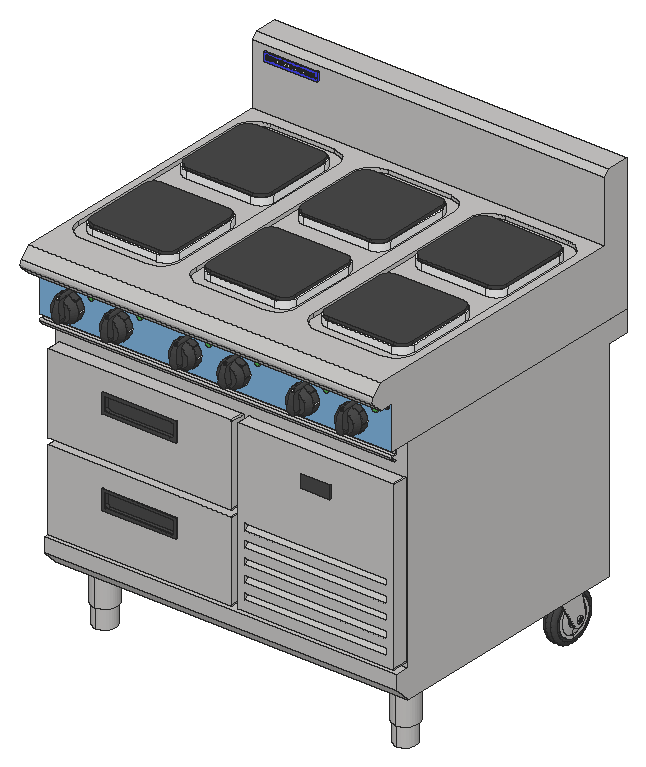
Revit family "QF_Moffat_E516S-RB_Electrical_Cooktop_cat", category Specialty Equipment, Revit 2019
Family settings
  Round Connector Dimension = Use Diameter
  Part Type = Normal
  Work Plane-Based = No
  Always vertical = Yes
  Cut with Voids When Loaded = No
  Shared = No
  Room Calculation Point = No
Parameters (values of type "E516S-RB")
  Weight in Kilograms = 130
  Watts = 9130 W
  Volts = 415 V
  URL Cutsheet = ""
  Specification by User = ""
  Specification by Manufacturer = ""
  Show Logo [instance] = yes
  Show Legs [instance] = not(Show Castors)  # no
  Show Castors [instance] = yes
  Serial Number = ""
  Seismic Rating = ""
  SMACNA No = ""
  Revision Code = ""
  Refrigerant Volume = 0.00 kip
  Refrigerant Type = "R134a"
  Phase = 3
  Number of Poles = 1
  NAFEM Spec ID Number = ""
  Model = "E516S-RB"
  Min Ckt Ampacity = 0 A
  Max Overcurrent Protection = 0 A
  Masterspec = ""
  Manufacturer = "Moffat"
  Length = 900 mm
  Item Number = ""
  Installed By = ""
  Identify Quantity as Lot = yes
  Height = 1085 mm
  HP = ""
  Furnished By = ""
  Foodservice Equipment Identifier = yes
  FL Amps = 22 A
  Electrical Remarks = ""
  Electric Connection Type = ""
  Elec Conn RI Height = 0 mm
  Elec Conn Connection Height = 0 mm
  Description = "Electric Cooktop"
  Depth = 812.2 mm
  Cycle = 60 Hz
  Conn Plug = ""
  Conn Conduit = yes
  CSI MasterFormat = ""
  BTUH = 0.0 Btu/h
  Apparent Power = if(Phase = 3, Volts * FL Amps * 1.73, Volts * FL Amps)  # 15794.9 VA
Reference planes
  plane 1 "BACK": y = 0
  plane 2: z = 0
  plane 3 "LEFT": x = 0
  plane 4 "RIGHT": x = 900
  plane 5 "FRONT": y = -812.2
  plane 6 "TOP": z = 1085
  plane 7 "Center Y": x = 450
  plane 8 "Center X": y = -406.1
  plane 9: x = 65.5
  plane 10: x = 87.5
  plane 11: x = 211.766
  plane 12: y = -30
  plane 13: x = 770
  plane 14: x = 512.5
  plane 15: x = 388.234
  plane 16: x = 834.5
  plane 17: z = 150
  plane 18: y = -134
  plane 19: y = -624
  plane 20: z = 675
  plane 21: x = 812.5
  plane 22: x = 688.234
  plane 23: z = 300
  plane 24: x = 486.5
  plane 25: x = 650
Forms (mm)
  Extrusion 1, solid, material "QF_Metal_Stainless_Polished"
    sketch origin (0, 0, 600) x (0, 1, 0) y (0, 0, 1)
      loop
        line (0, 140) -> (0, 485) -> (-55, 485) -> (-70, 470) -> (-70, 314.5) -> (-784.171, 314.5) -> (-808.685, 289.985)
        arc (-808.685, 289.985) -> (-812.2, 281.5) -> (-808.685, 273.015) r 12
        line (-808.685, 273.015) -> (-785.171, 249.5) -> (-749, 249.5) -> (-749, 140) -> (0, 140)
    from 0 to 900
  Extrusion 2, void
    sketch origin (0, -783.97, 914.5) x (0, 1, 0) y (-1, 0, 0)
      loop
        arc (683.77, -69) -> (669.125, -33.645) -> (633.77, -19) r 50
        line (633.77, -19) -> (133.569, -19)
        arc (133.569, -19) -> (98.214, -33.645) -> (83.569, -69) r 50
        line (83.569, -69) -> (83.569, -231)
        arc (83.569, -231) -> (98.214, -266.355) -> (133.569, -281) r 50
        line (133.569, -281) -> (633.77, -281)
        arc (633.77, -281) -> (669.125, -266.355) -> (683.77, -231) r 50
        line (683.77, -231) -> (683.77, -69)
      loop
        line (683.77, -831) -> (683.77, -669)
        arc (683.77, -669) -> (669.125, -633.645) -> (633.77, -619) r 50
        line (633.77, -619) -> (133.569, -619)
        arc (133.569, -619) -> (98.214, -633.645) -> (83.569, -669) r 50
        line (83.569, -669) -> (83.569, -831)
        arc (83.569, -831) -> (98.214, -866.355) -> (133.569, -881) r 50
        line (133.569, -881) -> (633.77, -881)
        arc (633.77, -881) -> (669.125, -866.355) -> (683.77, -831) r 50
      loop
        arc (83.569, -531) -> (98.214, -566.355) -> (133.569, -581) r 50
        line (133.569, -581) -> (633.77, -581)
        arc (633.77, -581) -> (669.125, -566.355) -> (683.77, -531) r 50
        line (683.77, -531) -> (683.77, -369)
        arc (683.77, -369) -> (669.125, -333.645) -> (633.77, -319) r 50
        line (633.77, -319) -> (133.569, -319)
        arc (133.569, -319) -> (98.214, -333.645) -> (83.569, -369) r 50
        line (83.569, -369) -> (83.569, -531)
    from 0 to -9.5
  Extrusion 3, solid, material "QF_Plastic_White_Smooth"
    sketch origin (0, -783.97, 905) x (0, 1, 0) y (-1, 0, 0)
      loop
        arc (647.77, -68) -> (638.397, -45.373) -> (615.77, -36) r 32
        line (615.77, -36) -> (451.569, -36)
        arc (451.569, -36) -> (428.942, -45.373) -> (419.569, -68) r 32
        line (419.569, -68) -> (419.569, -232)
        arc (419.569, -232) -> (428.942, -254.627) -> (451.569, -264) r 32
        line (451.569, -264) -> (615.77, -264)
        arc (615.77, -264) -> (638.397, -254.627) -> (647.77, -232) r 32
        line (647.77, -232) -> (647.77, -68)
      loop
        arc (347.569, -68) -> (338.197, -45.373) -> (315.569, -36) r 32
        line (315.569, -36) -> (151.569, -36)
        arc (151.569, -36) -> (128.942, -45.373) -> (119.569, -68) r 32
        line (119.569, -68) -> (119.569, -232)
        arc (119.569, -232) -> (128.942, -254.627) -> (151.569, -264) r 32
        line (151.569, -264) -> (315.569, -264)
        arc (315.569, -264) -> (338.197, -254.627) -> (347.569, -232) r 32
        line (347.569, -232) -> (347.569, -68)
      loop
        arc (647.77, -368) -> (638.397, -345.373) -> (615.77, -336) r 32
        line (615.77, -336) -> (451.569, -336)
        arc (451.569, -336) -> (428.942, -345.373) -> (419.569, -368) r 32
        line (419.569, -368) -> (419.569, -532)
        arc (419.569, -532) -> (428.942, -554.627) -> (451.569, -564) r 32
        line (451.569, -564) -> (615.77, -564)
        arc (615.77, -564) -> (638.397, -554.627) -> (647.77, -532) r 32
        line (647.77, -532) -> (647.77, -368)
      loop
        arc (419.569, -832) -> (428.942, -854.627) -> (451.569, -864) r 32
        line (451.569, -864) -> (615.77, -864)
        arc (615.77, -864) -> (638.397, -854.627) -> (647.77, -832) r 32
        line (647.77, -832) -> (647.77, -668)
        arc (647.77, -668) -> (638.397, -645.373) -> (615.77, -636) r 32
        line (615.77, -636) -> (451.569, -636)
        arc (451.569, -636) -> (428.942, -645.373) -> (419.569, -668) r 32
        line (419.569, -668) -> (419.569, -832)
      loop
        arc (347.569, -368) -> (338.197, -345.373) -> (315.569, -336) r 32
        line (315.569, -336) -> (151.569, -336)
        arc (151.569, -336) -> (128.942, -345.373) -> (119.569, -368) r 32
        line (119.569, -368) -> (119.569, -532)
        arc (119.569, -532) -> (128.942, -554.627) -> (151.569, -564) r 32
        line (151.569, -564) -> (315.569, -564)
        arc (315.569, -564) -> (338.197, -554.627) -> (347.569, -532) r 32
        line (347.569, -532) -> (347.569, -368)
      loop
        arc (119.569, -832) -> (128.942, -854.627) -> (151.569, -864) r 32
        line (151.569, -864) -> (315.569, -864)
        arc (315.569, -864) -> (338.197, -854.627) -> (347.569, -832) r 32
        line (347.569, -832) -> (347.569, -668)
        arc (347.569, -668) -> (338.197, -645.373) -> (315.569, -636) r 32
        line (315.569, -636) -> (151.569, -636)
        arc (151.569, -636) -> (128.942, -645.373) -> (119.569, -668) r 32
        line (119.569, -668) -> (119.569, -832)
    from 0 to 17.8
  Extrusion 4, solid, material "QF_Plastic_Black_Smooth"
    sketch origin (0, -783.97, 922.8) x (0, 1, 0) y (-1, 0, 0)
      loop
        arc (643.77, -67) -> (635.862, -47.908) -> (616.77, -40) r 27
        line (616.77, -40) -> (450.569, -40)
        arc (450.569, -40) -> (431.478, -47.908) -> (423.569, -67) r 27
        line (423.569, -67) -> (423.569, -233)
        arc (423.569, -233) -> (431.478, -252.092) -> (450.569, -260) r 27
        line (450.569, -260) -> (616.77, -260)
        arc (616.77, -260) -> (635.862, -252.092) -> (643.77, -233) r 27
        line (643.77, -233) -> (643.77, -67)
      loop
        arc (343.569, -67) -> (335.661, -47.908) -> (316.569, -40) r 27
        line (316.569, -40) -> (150.569, -40)
        arc (150.569, -40) -> (131.478, -47.908) -> (123.569, -67) r 27
        line (123.569, -67) -> (123.569, -233)
        arc (123.569, -233) -> (131.478, -252.092) -> (150.569, -260) r 27
        line (150.569, -260) -> (316.569, -260)
        arc (316.569, -260) -> (335.661, -252.092) -> (343.569, -233) r 27
        line (343.569, -233) -> (343.569, -67)
      loop
        line (643.77, -833) -> (643.77, -667)
        arc (643.77, -667) -> (635.862, -647.908) -> (616.77, -640) r 27
        line (616.77, -640) -> (450.569, -640)
        arc (450.569, -640) -> (431.478, -647.908) -> (423.569, -667) r 27
        line (423.569, -667) -> (423.569, -833)
        arc (423.569, -833) -> (431.478, -852.092) -> (450.569, -860) r 27
        line (450.569, -860) -> (616.77, -860)
        arc (616.77, -860) -> (635.862, -852.092) -> (643.77, -833) r 27
      loop
        line (423.569, -367) -> (423.569, -533)
        arc (423.569, -533) -> (431.478, -552.092) -> (450.569, -560) r 27
        line (450.569, -560) -> (616.77, -560)
        arc (616.77, -560) -> (635.862, -552.092) -> (643.77, -533) r 27
        line (643.77, -533) -> (643.77, -367)
        arc (643.77, -367) -> (635.862, -347.908) -> (616.77, -340) r 27
        line (616.77, -340) -> (450.569, -340)
        arc (450.569, -340) -> (431.478, -347.908) -> (423.569, -367) r 27
      loop
        line (343.569, -833) -> (343.569, -667)
        arc (343.569, -667) -> (335.661, -647.908) -> (316.569, -640) r 27
        line (316.569, -640) -> (150.569, -640)
        arc (150.569, -640) -> (131.478, -647.908) -> (123.569, -667) r 27
        line (123.569, -667) -> (123.569, -833)
        arc (123.569, -833) -> (131.478, -852.092) -> (150.569, -860) r 27
        line (150.569, -860) -> (316.569, -860)
        arc (316.569, -860) -> (335.661, -852.092) -> (343.569, -833) r 27
      loop
        line (123.569, -367) -> (123.569, -533)
        arc (123.569, -533) -> (131.478, -552.092) -> (150.569, -560) r 27
        line (150.569, -560) -> (316.569, -560)
        arc (316.569, -560) -> (335.661, -552.092) -> (343.569, -533) r 27
        line (343.569, -533) -> (343.569, -367)
        arc (343.569, -367) -> (335.661, -347.908) -> (316.569, -340) r 27
        line (316.569, -340) -> (150.569, -340)
        arc (150.569, -340) -> (131.478, -347.908) -> (123.569, -367) r 27
    from 0 to 6.1
  Extrusion 5, solid, material "QF_Metal_Stainless_Polished"
    sketch origin (0, 0, 600) x (0, 1, 0) y (0, 0, 1)
      loop
        line (-698, 85) -> (0, 85) -> (0, 140) -> (-698, 140) -> (-698, 85)
    from 0 to 900
  Extrusion 6, solid, material "QF_Metal_Stainless_Polished"
    sketch origin (0, 0, 600) x (0, 1, 0) y (0, 0, 1)
      loop
        line (-737.8, 140) -> (-737.8, 130) -> (-747.305, 130)
        arc (-747.305, 130) -> (-750.276, 128.015) -> (-749.579, 124.511) r 3.215
        line (-749.579, 124.511) -> (-739.05, 113.982) -> (-737.919, 115.113) -> (-748.447, 125.642)
        arc (-748.447, 125.642) -> (-748.797, 127.403) -> (-747.305, 128.4) r 1.615
        line (-747.305, 128.4) -> (-736.2, 128.4) -> (-736.2, 140) -> (-737.8, 140)
    from 0 to 900
  Extrusion 7, solid, material "QF_Metal_Stainless_Polished"
    sketch origin (450, 175.397, 1819.2) x (0, 1, 0) y (0, 0, 1)
      loop
        line (-873.397, -1109.2) -> (-896.434, -1109.2)
        arc (-896.434, -1109.2) -> (-898.034, -1110.8) -> (-896.434, -1112.4) r 1.6
        line (-896.434, -1112.4) -> (-873.397, -1112.4) -> (-873.397, -1109.2)
    from -400 to 400
  Extrusion 8, solid, material "QF_Paint_Green"
    sketch origin (0, -749, 740) x (0, 0, 1) y (-1, 0, 0)
      loop
        circle (84.8, -732.5) r 7.15
      loop
        circle (84.8, -857.5) r 7.15
      loop
        circle (84.8, -431.766) r 7.15
      loop
        circle (84.8, -556.766) r 7.15
      loop
        circle (84.8, -131.031) r 7.15
      loop
        circle (84.8, -256.031) r 7.15
    from 0 to 1.6
  Extrusion 9, solid, material "QF_Plastic_Black_Smooth"
    sketch origin (0, -749, 740) x (0, 0, 1) y (-1, 0, 0)
      loop
        circle (99.343, -13.157) r 5
      loop
        circle (99.343, -886.843) r 5
      loop
        circle (99.343, -87.5) r 5
      loop
        circle (99.343, -211.766) r 5
      loop
        circle (99.343, -388.231) r 5
      loop
        circle (99.343, -512.497) r 5
      loop
        circle (99.343, -688.234) r 5
      loop
        circle (99.343, -812.497) r 5
    from 0 to 1.6
  Extrusion 10, solid, material "QF_Metal_Stainless_Polished"
    sketch origin (-6096, 287.266, 675) x (0, 1, 0) y (-1, 0, 0)
      loop
        circle (-317.266, -6866) r 6.35
    from 0 to -1.6
  Extrusion 11, solid, material "QF_Metal_Stainless_Polished"
    sketch origin (-6096, 187.719, 150) x (0, 1, 0) y (-1, 0, 0)
      loop
        line (-244.719, -6096) -> (-885.719, -6096) -> (-885.719, -6146) -> (-292.719, -6146) -> (-292.719, -6946) -> (-885.719, -6946) -> (-885.719, -6996) -> (-244.719, -6996) -> (-244.719, -6096)
    from 0 to 535
  Extrusion 12, solid, material "QF_Metal_Stainless_Polished"
    sketch origin (0, 0, 0) x (0, 1, 0) y (0, 0, 1)
      loop
        line (-59, 150) -> (-59, 242.5) -> (-698, 242.5) -> (-698, 222.5) -> (-735, 222.5) -> (-735, 186) -> (-699, 150) -> (-59, 150)
    from 0 to 900
  Extrusion 13, solid, material "QF_Metal_Stainless_Polished"
    sketch origin (586.5, -48, 150) x (0, -1, 0) y (0, 0, 1)
      loop
        line (650, 535) -> (57, 535) -> (57, 92.5) -> (650, 92.5) -> (650, 535)
    from 64.5 to 135.5
  Revolve 14, solid, material "QF_Metal_Stainless_Polished"
    sketch origin (65.5, -4572, -304.8) x (0, 0, -1) y (0, -1, 0)
      loop
        line (-304.8, -3948) -> (-454.8, -3948) -> (-454.8, -3979.75) -> (-354.8, -3979.75) -> (-354.8, -3975.5) -> (-304.8, -3975.5) -> (-304.8, -3948)
      axis (-454.8, -3948) -> (-304.8, -3948)
    angle from 0 to 360
  Revolve 15, solid, material "QF_Metal_Stainless_Polished"
    sketch origin (834.5, -4572, -304.8) x (0, 0, -1) y (0, 1, 0)
      loop
        line (-304.8, 3948) -> (-304.8, 3975.5) -> (-354.8, 3975.5) -> (-354.8, 3979.75) -> (-454.8, 3979.75) -> (-454.8, 3948) -> (-304.8, 3948)
      axis (-454.8, 3948) -> (-304.8, 3948)
    angle from 0 to 360
  Extrusion 16, solid, material "QF_Metal_Stainless_Polished"
    sketch origin (0, -57, 150) x (1, 0, 0) y (0, 0, -1)
      loop
        line (0, -535) -> (900, -535) -> (900, -498.503) -> (0, -498.503) -> (0, -535)
    from 0 to -641
  Extrusion 17, solid, material "QF_Metal_Stainless_Polished"
    sketch origin (0, -698, 740) x (0, 0, -1) y (1, 0, 0)
      loop
        line (83.997, 9) -> (284.497, 9)
        arc (284.497, 9) -> (285.911, 9.586) -> (286.497, 11) r 2
        line (286.497, 11) -> (286.497, 477)
        arc (286.497, 477) -> (285.911, 478.414) -> (284.497, 479) r 2
        line (284.497, 479) -> (83.997, 479)
        arc (83.997, 479) -> (82.583, 478.414) -> (81.997, 477) r 2
        line (81.997, 477) -> (81.997, 11)
        arc (81.997, 11) -> (82.583, 9.586) -> (83.997, 9) r 2
      loop
        arc (506.997, 477) -> (506.411, 478.414) -> (504.997, 479) r 2
        line (504.997, 479) -> (304.497, 479)
        arc (304.497, 479) -> (303.083, 478.414) -> (302.497, 477) r 2
        line (302.497, 477) -> (302.497, 11)
        arc (302.497, 11) -> (303.083, 9.586) -> (304.497, 9) r 2
        line (304.497, 9) -> (504.997, 9)
        arc (504.997, 9) -> (506.411, 9.586) -> (506.997, 11) r 2
        line (506.997, 11) -> (506.997, 477)
    from 0 to 37
  Extrusion 18, void
    sketch origin (0, -735, 740) x (0, 0, -1) y (1, 0, 0)
      loop
        arc (138.297, 161) -> (140.054, 156.757) -> (144.297, 155) r 6
        line (144.297, 155) -> (168.931, 155)
        arc (168.931, 155) -> (173.173, 156.757) -> (174.931, 161) r 6
        line (174.931, 161) -> (174.931, 327)
        arc (174.931, 327) -> (173.173, 331.243) -> (168.931, 333) r 6
        line (168.931, 333) -> (144.297, 333)
        arc (144.297, 333) -> (140.054, 331.243) -> (138.297, 327) r 6
        line (138.297, 327) -> (138.297, 161)
      loop
        arc (358.797, 161) -> (360.554, 156.757) -> (364.797, 155) r 6
        line (364.797, 155) -> (389.431, 155)
        arc (389.431, 155) -> (393.673, 156.757) -> (395.431, 161) r 6
        line (395.431, 161) -> (395.431, 327)
        arc (395.431, 327) -> (393.673, 331.243) -> (389.431, 333) r 6
        line (389.431, 333) -> (364.797, 333)
        arc (364.797, 333) -> (360.554, 331.243) -> (358.797, 327) r 6
        line (358.797, 327) -> (358.797, 161)
    from 0 to -10
  Extrusion 19, solid, material "QF_Plastic_Black_Smooth"
    sketch origin (0, -735, 740) x (0, 0, -1) y (1, 0, 0)
      loop
        line (353.491, 149) -> (401.491, 149) -> (402.491, 150) -> (402.491, 338) -> (401.491, 339) -> (353.491, 339) -> (352.491, 338) -> (352.491, 150) -> (353.491, 149)
      loop
        line (132.991, 149) -> (180.991, 149) -> (181.991, 150) -> (181.991, 338) -> (180.991, 339) -> (132.991, 339) -> (131.991, 338) -> (131.991, 150) -> (132.991, 149)
      loop
        arc (138.297, 161) -> (140.054, 156.757) -> (144.297, 155) r 6
        line (144.297, 155) -> (168.931, 155)
        arc (168.931, 155) -> (173.173, 156.757) -> (174.931, 161) r 6
        line (174.931, 161) -> (174.931, 327)
        arc (174.931, 327) -> (173.173, 331.243) -> (168.931, 333) r 6
        line (168.931, 333) -> (144.297, 333)
        arc (144.297, 333) -> (140.054, 331.243) -> (138.297, 327) r 6
        line (138.297, 327) -> (138.297, 161)
      loop
        arc (358.797, 161) -> (360.554, 156.757) -> (364.797, 155) r 6
        line (364.797, 155) -> (389.431, 155)
        arc (389.431, 155) -> (393.673, 156.757) -> (395.431, 161) r 6
        line (395.431, 161) -> (395.431, 327)
        arc (395.431, 327) -> (393.673, 331.243) -> (389.431, 333) r 6
        line (389.431, 333) -> (364.797, 333)
        arc (364.797, 333) -> (360.554, 331.243) -> (358.797, 327) r 6
        line (358.797, 327) -> (358.797, 161)
    from 0 to 1.6
  Extrusion 20, solid, material "QF_Metal_Stainless_Polished"
    sketch origin (0, -698, 740) x (0, 0, -1) y (1, 0, 0)
      loop
        line (506.997, 496) -> (506.997, 892)
        arc (506.997, 892) -> (506.411, 893.414) -> (504.997, 894) r 2
        line (504.997, 894) -> (83.997, 894)
        arc (83.997, 894) -> (82.583, 893.414) -> (81.997, 892) r 2
        line (81.997, 892) -> (81.997, 496)
        arc (81.997, 496) -> (82.583, 494.586) -> (83.997, 494) r 2
        line (83.997, 494) -> (504.997, 494)
        arc (504.997, 494) -> (506.411, 494.586) -> (506.997, 496) r 2
    from 0 to 37
  Extrusion 21, void
    sketch origin (522, -48, 150) x (0, 1, 0) y (0, 0, 1)
      loop
        line (-650, 323.003) -> (-687, 286.003) -> (-687, 268.042) -> (-650, 305.042) -> (-650, 323.003)
      loop
        line (-650, 283.003) -> (-687, 246.003) -> (-687, 228.042) -> (-650, 265.042) -> (-650, 283.003)
      loop
        line (-650, 243.003) -> (-687, 206.003) -> (-687, 188.042) -> (-650, 225.042) -> (-650, 243.003)
      loop
        line (-650, 203.003) -> (-687, 166.003) -> (-687, 148.042) -> (-650, 185.042) -> (-650, 203.003)
      loop
        line (-650, 163.003) -> (-687, 126.003) -> (-687, 108.042) -> (-650, 145.042) -> (-650, 163.003)
    from -10.5 to 354.5
  Extrusion 22, solid, material "QF_Plastic_Black_Smooth"
    sketch origin (0, -735, 740) x (0, 0, -1) y (1, 0, 0)
      loop
        line (140.491, 656.5) -> (173.491, 656.5) -> (173.491, 731.5) -> (140.491, 731.5) -> (140.491, 656.5)
    from 0 to 1.6
  Extrusion 23, solid, material "QF_Metal_Stainless_Polished"
    sketch origin (0, -57, 150) x (1, 0, 0) y (0, 0, -1)
      loop
        circle (650, -150) r 12.7
    from 0 to 3.2
  Revolve 24, solid, material "QF_Metal_Stainless_Polished", visible <- "Show Legs"
    sketch origin (65.5, -4082, -304.8) x (0, 0, -1) y (0, -1, 0)
      loop
        line (-304.8, -3948) -> (-454.8, -3948) -> (-454.8, -3979.75) -> (-354.8, -3979.75) -> (-354.8, -3975.5) -> (-304.8, -3975.5) -> (-304.8, -3948)
      axis (-454.8, -3948) -> (-304.8, -3948)
    angle from 0 to 360
  Revolve 25, solid, material "QF_Metal_Stainless_Polished", visible <- "Show Legs"
    sketch origin (834.5, -4082, -304.8) x (0, 0, -1) y (0, 1, 0)
      loop
        line (-304.8, 3948) -> (-304.8, 3975.5) -> (-354.8, 3975.5) -> (-354.8, 3979.75) -> (-454.8, 3979.75) -> (-454.8, 3948) -> (-304.8, 3948)
      axis (-454.8, 3948) -> (-304.8, 3948)
    angle from 0 to 360
Cuts and joins
  Extrusion 2 cuts Extrusion 1
  joined: Extrusion 5, Extrusion 11, Extrusion 12, Extrusion 13, Extrusion 16
  Extrusion 18 cuts Extrusion 17
  Extrusion 21 cuts Extrusion 20
Lines and regions (mm)
  symbolic lines
    curve 1: line (0, 0, 0) -> (900, 0, 0)
    curve 2: line (0, -812.2, 0) -> (0, 0, 0)
    curve 3: line (900, -812.2, 0) -> (0, -812.2, 0)
    curve 4: line (900, 0, 0) -> (900, -812.2, 0)
    curve 5: line (0, -784.171, 0) -> (900, -784.171, 0)
    curve 6: line (0, -55, 0) -> (900, -55, 0)
    curve 7: line (0, -70, 0) -> (900, -70, 0)
    curve 8: arc (281, -650.2, 0) -> (266.355, -685.555, 0) -> (231, -700.2, 0) r 50
    curve 9: line (231, -700.2, 0) -> (69, -700.2, 0)
    curve 10: arc (69, -700.2, 0) -> (33.645, -685.555, 0) -> (19, -650.2, 0) r 50
    curve 11: line (19, -650.2, 0) -> (19, -150.2, 0)
    curve 12: arc (19, -150.2, 0) -> (33.645, -114.845, 0) -> (69, -100.2, 0) r 50
    curve 13: line (69, -100.2, 0) -> (231, -100.2, 0)
    curve 14: arc (231, -100.2, 0) -> (266.355, -114.845, 0) -> (281, -150.2, 0) r 50
    curve 15: line (281, -150.2, 0) -> (281, -650.2, 0)
    curve 16: arc (319, -150.2, 0) -> (333.645, -114.845, 0) -> (369, -100.2, 0) r 50
    curve 17: line (369, -100.2, 0) -> (531, -100.2, 0)
    curve 18: arc (531, -100.2, 0) -> (566.355, -114.845, 0) -> (581, -150.2, 0) r 50
    curve 19: line (581, -150.2, 0) -> (581, -650.2, 0)
    curve 20: arc (581, -650.2, 0) -> (566.355, -685.555, 0) -> (531, -700.2, 0) r 50
    curve 21: line (531, -700.2, 0) -> (369, -700.2, 0)
    curve 22: arc (369, -700.2, 0) -> (333.645, -685.555, 0) -> (319, -650.2, 0) r 50
    curve 23: line (319, -650.2, 0) -> (319, -150.2, 0)
    curve 24: arc (619, -150.2, 0) -> (633.645, -114.845, 0) -> (669, -100.2, 0) r 50
    curve 25: line (669, -100.2, 0) -> (831, -100.2, 0)
    curve 26: arc (831, -100.2, 0) -> (866.355, -114.845, 0) -> (881, -150.2, 0) r 50
    curve 27: line (881, -150.2, 0) -> (881, -650.2, 0)
    curve 28: arc (881, -650.2, 0) -> (866.355, -685.555, 0) -> (831, -700.2, 0) r 50
    curve 29: line (831, -700.2, 0) -> (669, -700.2, 0)
    curve 30: arc (669, -700.2, 0) -> (633.645, -685.555, 0) -> (619, -650.2, 0) r 50
    curve 31: line (619, -650.2, 0) -> (619, -150.2, 0)
    curve 32: arc (68, -136.2, 0) -> (45.373, -145.573, 0) -> (36, -168.2, 0) r 32
    curve 33: line (36, -168.2, 0) -> (36, -332.2, 0)
    curve 34: arc (36, -332.2, 0) -> (45.373, -354.827, 0) -> (68, -364.2, 0) r 32
    curve 35: line (68, -364.2, 0) -> (232, -364.2, 0)
    curve 36: arc (232, -364.2, 0) -> (254.627, -354.827, 0) -> (264, -332.2, 0) r 32
    curve 37: line (264, -332.2, 0) -> (264, -168.2, 0)
    curve 38: arc (264, -168.2, 0) -> (254.627, -145.573, 0) -> (232, -136.2, 0) r 32
    curve 39: line (232, -136.2, 0) -> (68, -136.2, 0)
    curve 40: arc (67, -140.2, 0) -> (47.908, -148.108, 0) -> (40, -167.2, 0) r 27
    curve 41: line (40, -167.2, 0) -> (40, -333.2, 0)
    curve 42: arc (40, -333.2, 0) -> (47.908, -352.292, 0) -> (67, -360.2, 0) r 27
    curve 43: line (67, -360.2, 0) -> (233, -360.2, 0)
    curve 44: arc (233, -360.2, 0) -> (252.092, -352.292, 0) -> (260, -333.2, 0) r 27
    curve 45: line (260, -333.2, 0) -> (260, -167.2, 0)
    curve 46: arc (260, -167.2, 0) -> (252.092, -148.108, 0) -> (233, -140.2, 0) r 27
    curve 47: line (233, -140.2, 0) -> (67, -140.2, 0)
    curve 48: arc (68, -436.2, 0) -> (45.373, -445.573, 0) -> (36, -468.2, 0) r 32
    curve 49: line (36, -468.2, 0) -> (36, -632.2, 0)
    curve 50: arc (36, -632.2, 0) -> (45.373, -654.827, 0) -> (68, -664.2, 0) r 32
    curve 51: line (68, -664.2, 0) -> (232, -664.2, 0)
    curve 52: arc (232, -664.2, 0) -> (254.627, -654.827, 0) -> (264, -632.2, 0) r 32
    curve 53: line (264, -632.2, 0) -> (264, -468.2, 0)
    curve 54: arc (264, -468.2, 0) -> (254.627, -445.573, 0) -> (232, -436.2, 0) r 32
    curve 55: line (232, -436.2, 0) -> (68, -436.2, 0)
    curve 56: arc (67, -440.2, 0) -> (47.908, -448.108, 0) -> (40, -467.2, 0) r 27
    curve 57: line (40, -467.2, 0) -> (40, -633.2, 0)
    curve 58: arc (40, -633.2, 0) -> (47.908, -652.292, 0) -> (67, -660.2, 0) r 27
    curve 59: line (67, -660.2, 0) -> (233, -660.2, 0)
    curve 60: arc (233, -660.2, 0) -> (252.092, -652.292, 0) -> (260, -633.2, 0) r 27
    curve 61: line (260, -633.2, 0) -> (260, -467.2, 0)
    curve 62: arc (260, -467.2, 0) -> (252.092, -448.108, 0) -> (233, -440.2, 0) r 27
    curve 63: line (233, -440.2, 0) -> (67, -440.2, 0)
    curve 64: arc (368, -436.2, 0) -> (345.373, -445.573, 0) -> (336, -468.2, 0) r 32
    curve 65: line (336, -468.2, 0) -> (336, -632.2, 0)
    curve 66: arc (336, -632.2, 0) -> (345.373, -654.827, 0) -> (368, -664.2, 0) r 32
    curve 67: line (368, -664.2, 0) -> (532, -664.2, 0)
    curve 68: arc (532, -664.2, 0) -> (554.627, -654.827, 0) -> (564, -632.2, 0) r 32
    curve 69: line (564, -632.2, 0) -> (564, -468.2, 0)
    curve 70: arc (564, -468.2, 0) -> (554.627, -445.573, 0) -> (532, -436.2, 0) r 32
    curve 71: line (532, -436.2, 0) -> (368, -436.2, 0)
    curve 72: arc (367, -440.2, 0) -> (347.908, -448.108, 0) -> (340, -467.2, 0) r 27
    curve 73: line (340, -467.2, 0) -> (340, -633.2, 0)
    curve 74: arc (340, -633.2, 0) -> (347.908, -652.292, 0) -> (367, -660.2, 0) r 27
    curve 75: line (367, -660.2, 0) -> (533, -660.2, 0)
    curve 76: arc (533, -660.2, 0) -> (552.092, -652.292, 0) -> (560, -633.2, 0) r 27
    curve 77: line (560, -633.2, 0) -> (560, -467.2, 0)
    curve 78: arc (560, -467.2, 0) -> (552.092, -448.108, 0) -> (533, -440.2, 0) r 27
    curve 79: line (533, -440.2, 0) -> (367, -440.2, 0)
    curve 80: arc (336, -332.2, 0) -> (345.373, -354.827, 0) -> (368, -364.2, 0) r 32
    curve 81: line (368, -364.2, 0) -> (532, -364.2, 0)
    curve 82: arc (532, -364.2, 0) -> (554.627, -354.827, 0) -> (564, -332.2, 0) r 32
    curve 83: line (564, -332.2, 0) -> (564, -168.2, 0)
    curve 84: arc (564, -168.2, 0) -> (554.627, -145.573, 0) -> (532, -136.2, 0) r 32
    curve 85: line (532, -136.2, 0) -> (368, -136.2, 0)
    curve 86: arc (368, -136.2, 0) -> (345.373, -145.573, 0) -> (336, -168.2, 0) r 32
    curve 87: line (336, -168.2, 0) -> (336, -332.2, 0)
    curve 88: arc (340, -333.2, 0) -> (347.908, -352.292, 0) -> (367, -360.2, 0) r 27
    curve 89: line (367, -360.2, 0) -> (533, -360.2, 0)
    curve 90: arc (533, -360.2, 0) -> (552.092, -352.292, 0) -> (560, -333.2, 0) r 27
    curve 91: line (560, -333.2, 0) -> (560, -167.2, 0)
    curve 92: arc (560, -167.2, 0) -> (552.092, -148.108, 0) -> (533, -140.2, 0) r 27
    curve 93: line (533, -140.2, 0) -> (367, -140.2, 0)
    curve 94: arc (367, -140.2, 0) -> (347.908, -148.108, 0) -> (340, -167.2, 0) r 27
    curve 95: line (340, -167.2, 0) -> (340, -333.2, 0)
    curve 96: arc (668, -136.2, 0) -> (645.373, -145.573, 0) -> (636, -168.2, 0) r 32
    curve 97: line (636, -168.2, 0) -> (636, -332.2, 0)
    curve 98: arc (636, -332.2, 0) -> (645.373, -354.827, 0) -> (668, -364.2, 0) r 32
    curve 99: line (668, -364.2, 0) -> (832, -364.2, 0)
    curve 100: arc (832, -364.2, 0) -> (854.627, -354.827, 0) -> (864, -332.2, 0) r 32
    curve 101: line (864, -332.2, 0) -> (864, -168.2, 0)
    curve 102: arc (864, -168.2, 0) -> (854.627, -145.573, 0) -> (832, -136.2, 0) r 32
    curve 103: line (832, -136.2, 0) -> (668, -136.2, 0)
    curve 104: arc (667, -140.2, 0) -> (647.908, -148.108, 0) -> (640, -167.2, 0) r 27
    curve 105: line (640, -167.2, 0) -> (640, -333.2, 0)
    curve 106: arc (640, -333.2, 0) -> (647.908, -352.292, 0) -> (667, -360.2, 0) r 27
    curve 107: line (667, -360.2, 0) -> (833, -360.2, 0)
    curve 108: arc (833, -360.2, 0) -> (852.092, -352.292, 0) -> (860, -333.2, 0) r 27
    curve 109: line (860, -333.2, 0) -> (860, -167.2, 0)
    curve 110: arc (860, -167.2, 0) -> (852.092, -148.108, 0) -> (833, -140.2, 0) r 27
    curve 111: line (833, -140.2, 0) -> (667, -140.2, 0)
    curve 112: arc (668, -436.2, 0) -> (645.373, -445.573, 0) -> (636, -468.2, 0) r 32
    curve 113: line (636, -468.2, 0) -> (636, -632.2, 0)
    curve 114: arc (636, -632.2, 0) -> (645.373, -654.827, 0) -> (668, -664.2, 0) r 32
    curve 115: line (668, -664.2, 0) -> (832, -664.2, 0)
    curve 116: arc (832, -664.2, 0) -> (854.627, -654.827, 0) -> (864, -632.2, 0) r 32
    curve 117: line (864, -632.2, 0) -> (864, -468.2, 0)
    curve 118: arc (864, -468.2, 0) -> (854.627, -445.573, 0) -> (832, -436.2, 0) r 32
    curve 119: line (832, -436.2, 0) -> (668, -436.2, 0)
    curve 120: arc (667, -440.2, 0) -> (647.908, -448.108, 0) -> (640, -467.2, 0) r 27
    curve 121: line (640, -467.2, 0) -> (640, -633.2, 0)
    curve 122: arc (640, -633.2, 0) -> (647.908, -652.292, 0) -> (667, -660.2, 0) r 27
    curve 123: line (667, -660.2, 0) -> (833, -660.2, 0)
    curve 124: arc (833, -660.2, 0) -> (852.092, -652.292, 0) -> (860, -633.2, 0) r 27
    curve 125: line (860, -633.2, 0) -> (860, -467.2, 0)
    curve 126: arc (860, -467.2, 0) -> (852.092, -448.108, 0) -> (833, -440.2, 0) r 27
    curve 127: line (833, -440.2, 0) -> (667, -440.2, 0)
Dimensions and locks
  equal spacing: plane 3 "LEFT", plane 7 "Center Y", plane 4 "RIGHT"
  "Length": plane 3 "LEFT" to plane 4 "RIGHT"
  equal spacing: plane 5 "FRONT", plane 8 "Center X", plane 1 "BACK"
  "Depth": plane 5 "FRONT" to plane 1 "BACK"
  "Height": plane 6 "TOP" to level
  plane 4 "RIGHT" to plane 3 "LEFT" = 900 mm
  plane 1 "BACK" to cut or joined group of Extrusion 1, Extrusion 2 = 70 mm
  plane 1 "BACK" to plane 5 "FRONT" = 812.2 mm
  plane 6 "TOP" to plane 2 = 1085 mm
  cut or joined group of Extrusion 1, Extrusion 2 to plane 2 = 914.5 mm
  locked: plane 13 to plane 4 "RIGHT" at 130
  plane 9 to plane 16 = 769 mm
  plane 17 to plane 2 = 150 mm
  plane 1 "BACK" to plane 18 = 134 mm
  plane 18 to plane 19 = 490 mm
  plane 20 to plane 2 = 675 mm
  plane 1 "BACK" to plane 12 = 30 mm
  plane 23 to plane 2 = 300 mm
  plane 1 "BACK" to cut or joined group of Extrusion 5, Extrusion 11, Extrusion 12, Extrusion 13, Extrusion 16 = 57 mm
  plane 25 to plane 4 "RIGHT" = 250 mm
  aligned and locked: level to plane 2
Automatic sketch dimensions
  plane 1 "BACK" to curve 1 = 0 mm
  curve 1 to plane 3 "LEFT" = 0 mm
  curve 1 to plane 4 "RIGHT" = 0 mm
  plane 5 "FRONT" to curve 3 = 0 mm
  plane 3 "LEFT" to curve 11 = 19 mm
  plane 9 to curve 33 = 29.5 mm
  plane 19 to curve 49 = 8.2 mm
  curve 11 to curve 49 = 17 mm
  curve 48 to curve 57 = 4 mm
  curve 32 to curve 41 = 4 mm
  curve 58 to plane 9 = 1.5 mm
  curve 43 to plane 9 = 1.5 mm
  curve 47 to plane 9 = 1.5 mm
  curve 63 to plane 9 = 1.5 mm
  curve 35 to plane 9 = 2.5 mm
  curve 40 to curve 32 = 1 mm
  curve 58 to curve 50 = 1 mm
  curve 56 to curve 48 = 1 mm
  curve 12 to plane 9 = 3.5 mm
  curve 9 to plane 9 = 3.5 mm
  plane 11 to curve 13 = 19.234 mm
  plane 11 to curve 9 = 19.234 mm
  plane 11 to curve 55 = 20.234 mm
  plane 18 to curve 39 = 2.2 mm
  curve 14 to curve 39 = 1 mm
  plane 19 to curve 52 = 8.2 mm
  curve 8 to curve 52 = 1 mm
  plane 11 to curve 36 = 20.234 mm
  curve 52 to curve 59 = 1 mm
  curve 54 to curve 63 = 1 mm
  curve 38 to curve 46 = 1 mm
  curve 36 to curve 44 = 1 mm
  curve 61 to curve 53 = 4 mm
  curve 44 to curve 45 = 27 mm
  curve 46 to curve 37 = 4 mm
  curve 37 to curve 15 = 17 mm
  curve 15 to curve 23 = 38 mm
  plane 15 to curve 65 = 52.234 mm
  curve 16 to curve 87 = 17 mm
  curve 66 to curve 73 = 4 mm
  curve 80 to curve 95 = 4 mm
  plane 15 to curve 94 = 21.234 mm
  plane 15 to curve 88 = 21.234 mm
  plane 15 to curve 72 = 21.234 mm
  plane 15 to curve 75 = 21.234 mm
  curve 88 to curve 81 = 1 mm
  plane 18 to curve 85 = 2.2 mm
  curve 94 to curve 85 = 1 mm
  curve 72 to curve 71 = 1 mm
  curve 75 to curve 67 = 1 mm
  plane 15 to curve 21 = 19.234 mm
  plane 15 to curve 17 = 19.234 mm
  plane 14 to curve 18 = 18.5 mm
  plane 14 to curve 21 = 18.5 mm
  plane 14 to curve 82 = 19.5 mm
  curve 20 to curve 68 = 1 mm
  curve 18 to curve 84 = 1 mm
  plane 14 to curve 70 = 19.5 mm
  curve 84 to curve 93 = 1 mm
  curve 82 to curve 89 = 1 mm
  curve 70 to curve 79 = 1 mm
  curve 68 to curve 75 = 1 mm
  curve 78 to curve 77 = 27 mm
  curve 90 to curve 91 = 27 mm
  curve 77 to curve 69 = 4 mm
  curve 92 to curve 83 = 4 mm
  plane 18 to curve 19 = 16.2 mm
  curve 83 to curve 19 = 17 mm
  curve 31 to plane 25 = 31 mm
  curve 97 to plane 25 = 14 mm
  curve 113 to plane 25 = 14 mm
  curve 96 to curve 105 = 4 mm
  curve 112 to curve 121 = 4 mm
  plane 18 to curve 111 = 6.2 mm
  plane 25 to curve 111 = 17 mm
  plane 25 to curve 106 = 17 mm
  plane 19 to curve 122 = 9.2 mm
  plane 25 to curve 122 = 17 mm
  plane 25 to curve 120 = 17 mm
  curve 106 to curve 98 = 1 mm
  curve 120 to curve 119 = 1 mm
  curve 104 to curve 103 = 1 mm
  curve 122 to curve 115 = 1 mm
  plane 25 to curve 29 = 19 mm
  plane 25 to curve 25 = 19 mm
  curve 29 to plane 16 = 3.5 mm
  curve 25 to plane 16 = 3.5 mm
  curve 100 to plane 16 = 2.5 mm
  curve 116 to plane 16 = 2.5 mm
  curve 119 to plane 16 = 2.5 mm
  curve 103 to plane 16 = 2.5 mm
  curve 107 to plane 16 = 1.5 mm
  curve 111 to plane 16 = 1.5 mm
  curve 123 to plane 16 = 1.5 mm
  curve 127 to plane 16 = 1.5 mm
  plane 16 to curve 109 = 25.5 mm
  plane 16 to curve 125 = 25.5 mm
  curve 126 to curve 117 = 4 mm
  curve 109 to curve 101 = 4 mm
  plane 4 "RIGHT" to curve 27 = 19 mm
  curve 29 to curve 124 = 40 mm
  plane 19 to curve 21 = 76.2 mm
  curve 9 to curve 51 = 36 mm
  curve 115 to curve 124 = 4 mm
  curve 67 to curve 22 = 14 mm
  curve 66 to curve 75 = 4 mm
  curve 50 to curve 59 = 4 mm
  curve 69 to plane 8 "Center X" = 62.1 mm
  curve 117 to plane 8 "Center X" = 62.1 mm
  curve 53 to plane 8 "Center X" = 62.1 mm
  curve 54 to curve 62 = 1 mm
  curve 64 to curve 72 = 1 mm
  curve 117 to curve 125 = 1 mm
  plane 8 "Center X" to curve 81 = 41.9 mm
  plane 8 "Center X" to curve 35 = 41.9 mm
  plane 8 "Center X" to curve 99 = 41.9 mm
  curve 36 to curve 43 = 4 mm
  curve 80 to curve 89 = 4 mm
  curve 99 to curve 107 = 4 mm
  curve 101 to curve 110 = 1 mm
  curve 86 to curve 95 = 1 mm
  curve 37 to curve 45 = 1 mm
  curve 12 to curve 40 = 10 mm
  curve 26 to curve 111 = 10 mm
  curve 2 to curve 5 = 28.029 mm
  plane 12 to curve 7 = 40 mm
  curve 7 to curve 6 = 15 mm
  Extrusion 1 sketch curve to plane 6 "TOP" = 0 mm
  Extrusion 1 sketch curve to plane 1 "BACK" = 0 mm
  plane 12 to Extrusion 1 sketch curve = 25 mm
  Extrusion 1 sketch curve to plane 6 "TOP" = 15 mm
  Extrusion 1 sketch curve to Extrusion 1 sketch curve = 15 mm
  Extrusion 1 sketch curve to plane 5 "FRONT" = 63.2 mm
  Extrusion 1 sketch curve to plane 5 "FRONT" = 28.029 mm
  Extrusion 1 sketch curve to plane 5 "FRONT" = 27.029 mm
  Extrusion 1 sketch curve to plane 5 "FRONT" = 12 mm
  Extrusion 1 sketch curve to plane 5 "FRONT" = 3.515 mm  (x2)
  Extrusion 1 sketch curve to plane 6 "TOP" = 170.5 mm
  Extrusion 1 sketch curve to Extrusion 1 sketch curve = 24.515 mm
  Extrusion 1 sketch curve to Extrusion 1 sketch curve = 8.485 mm
  Extrusion 1 sketch curve to Extrusion 1 sketch curve = 32 mm
  plane 20 to Extrusion 1 sketch curve = 65 mm
  Extrusion 2 sketch curve to Extrusion 1 = 83.77 mm  (x3)
  Extrusion 2 sketch curve to Extrusion 2 sketch curve = 50 mm  (x4)
  Extrusion 2 sketch curve to Extrusion 2 sketch curve = 0 mm  (x3)
  Extrusion 1 to Extrusion 2 sketch curve = 19 mm
  Extrusion 1 to Extrusion 2 sketch curve = 80.2 mm  (x5)
  Extrusion 1 to Extrusion 2 sketch curve = 30.2 mm  (x3)
  Extrusion 2 sketch curve to Extrusion 2 sketch curve = 162 mm  (x2)
  Extrusion 2 sketch curve to Extrusion 2 sketch curve = 38 mm  (x2)
  Extrusion 1 to Extrusion 2 sketch curve = 69 mm
  Extrusion 3 sketch curve to Extrusion 2 = 36 mm  (x3)
  Extrusion 3 sketch curve to Extrusion 2 = 17 mm  (x11)
  Extrusion 3 sketch curve to Extrusion 3 sketch curve = 32 mm  (x18)
  Extrusion 3 sketch curve to Extrusion 3 sketch curve = 164 mm  (x4)
  Extrusion 3 sketch curve to Extrusion 2 = 49 mm  (x2)
  Extrusion 3 sketch curve to Extrusion 3 sketch curve = 0 mm
  Extrusion 3 sketch curve to Extrusion 3 sketch curve = 72 mm  (x3)
  Extrusion 3 sketch curve to Extrusion 2 = 68 mm  (x6)
  Extrusion 4 sketch curve to Extrusion 3 = 4 mm  (x22)
  Extrusion 4 sketch curve to Extrusion 3 = 31 mm  (x22)
  Extrusion 4 sketch curve to Extrusion 4 sketch curve = 27 mm  (x4)
  Extrusion 5 sketch curve to plane 1 "BACK" = 0 mm
  plane 20 to Extrusion 5 sketch curve = 10 mm
  plane 19 to Extrusion 5 sketch curve = 74 mm
  Extrusion 5 sketch curve to Extrusion 5 sketch curve = 55 mm
  Extrusion 6 sketch curve to Extrusion 6 sketch curve = 0 mm  (x2)
  Extrusion 6 sketch curve to plane 5 "FRONT" = 62.621 mm
  Extrusion 6 sketch curve to Extrusion 6 sketch curve = 1.131 mm  (x2)
  Extrusion 6 sketch curve to Extrusion 6 sketch curve = 1.142 mm  (x2)
  plane 20 to Extrusion 6 sketch curve = 38.982 mm
  Extrusion 6 sketch curve to Extrusion 6 sketch curve = 10.529 mm
  plane 20 to Extrusion 6 sketch curve = 40.113 mm
  Extrusion 6 sketch curve to Extrusion 6 sketch curve = 9.505 mm
  Extrusion 6 sketch curve to Extrusion 6 sketch curve = 1.6 mm
  Extrusion 6 sketch curve to Extrusion 6 sketch curve = 10 mm
  plane 20 to Extrusion 7 sketch curve = 35 mm
  Extrusion 7 sketch curve to plane 5 "FRONT" = 91.163 mm
  Extrusion 7 sketch curve to Extrusion 7 sketch curve = 23.037 mm
  Extrusion 7 sketch curve to Extrusion 7 sketch curve = 1.6 mm
  Extrusion 1 to Extrusion 8 sketch curve = 24.7 mm  (x6)
  Extrusion 1 to Extrusion 8 sketch curve = 42.5 mm
  Extrusion 8 sketch curve to Extrusion 8 sketch curve = 125 mm  (x3)
  Extrusion 8 sketch curve to Extrusion 8 sketch curve = 175.734 mm  (x2)
  plane 12 to Extrusion 10 sketch curve = 0 mm
  Extrusion 10 sketch curve to plane 13 = 0 mm
  Extrusion 11 sketch curve to plane 3 "LEFT" = 0 mm
  Extrusion 11 sketch curve to plane 4 "RIGHT" = 0 mm
  plane 16 to Extrusion 11 sketch curve = 15.5 mm
  plane 19 to Extrusion 11 sketch curve = 74 mm  (x2)
  Extrusion 11 sketch curve to plane 18 = 29 mm
  plane 12 to Extrusion 11 sketch curve = 27 mm
  plane 9 to Extrusion 11 sketch curve = 15.5 mm
  Extrusion 12 sketch curve to plane 17 = 0 mm
  Extrusion 12 sketch curve to plane 5 "FRONT" = 77.2 mm
  Extrusion 12 sketch curve to Extrusion 12 sketch curve = 36 mm
  Extrusion 12 sketch curve to Extrusion 12 sketch curve = 37 mm
  plane 12 to Extrusion 12 sketch curve = 29 mm
  plane 17 to Extrusion 12 sketch curve = 36 mm
  Extrusion 12 sketch curve to Extrusion 12 sketch curve = 36.5 mm
  Extrusion 12 sketch curve to plane 23 = 57.5 mm
  plane 20 to Extrusion 13 sketch curve = 10 mm
  Extrusion 13 sketch curve to plane 18 = 29 mm
  plane 19 to Extrusion 13 sketch curve = 74 mm
  Extrusion 13 sketch curve to plane 23 = 57.5 mm
  Revolve 14 sketch curve to plane 17 = 0 mm
  Revolve 14 sketch curve to level = 0 mm  (x2)
  Revolve 14 sketch curve to plane 19 = 0 mm  (x2)
  level to Revolve 14 sketch curve = 50 mm
  Revolve 14 sketch curve to plane 19 = 27.5 mm
  Revolve 14 sketch curve to Revolve 14 sketch curve = 31.75 mm
  Revolve 14 sketch curve to Revolve 14 sketch curve = 35 mm
  Revolve 15 sketch curve to plane 17 = 0 mm
  Revolve 15 sketch curve to level = 0 mm  (x2)
  Revolve 15 sketch curve to plane 19 = 0 mm  (x2)
  level to Revolve 15 sketch curve = 50 mm
  Revolve 15 sketch curve to Revolve 15 sketch curve = 27.5 mm
  Revolve 15 sketch curve to Revolve 15 sketch curve = 31.75 mm
  Revolve 15 sketch curve to Revolve 15 sketch curve = 35 mm
  Extrusion 11 to Extrusion 16 sketch curve = 0 mm
  Extrusion 16 sketch curve to Extrusion 11 = 0 mm  (x2)
  Extrusion 11 to Extrusion 16 sketch curve = 36.497 mm
  Extrusion 5 to Extrusion 17 sketch curve = 26.997 mm
  Extrusion 17 sketch curve to Extrusion 17 sketch curve = 2 mm  (x6)
  Extrusion 17 sketch curve to Extrusion 17 sketch curve = 200.5 mm  (x4)
  Extrusion 5 to Extrusion 17 sketch curve = 11 mm
  Extrusion 17 sketch curve to Extrusion 17 sketch curve = 16 mm
  Extrusion 5 to Extrusion 17 sketch curve = 9 mm
  Extrusion 5 to Extrusion 17 sketch curve = 423 mm
  Extrusion 17 sketch curve to Extrusion 17 sketch curve = 0 mm
  Extrusion 18 sketch curve to Extrusion 17 = 56.3 mm  (x2)
  Extrusion 18 sketch curve to Extrusion 18 sketch curve = 6 mm  (x6)
  Extrusion 18 sketch curve to Extrusion 18 sketch curve = 24.634 mm  (x4)
  Extrusion 18 sketch curve to Extrusion 17 = 146 mm  (x2)
  Extrusion 18 sketch curve to Extrusion 17 = 152 mm  (x2)
  Extrusion 19 sketch curve to Extrusion 17 = 49.994 mm  (x2)
  Extrusion 19 sketch curve to Extrusion 19 sketch curve = 1 mm  (x12)
  Extrusion 19 sketch curve to Extrusion 19 sketch curve = 6.306 mm  (x2)
  Extrusion 19 sketch curve to Extrusion 19 sketch curve = 6 mm  (x8)
  Extrusion 19 sketch curve to Extrusion 19 sketch curve = 24.634 mm  (x4)
  Extrusion 19 sketch curve to Extrusion 19 sketch curve = 6.06 mm  (x4)
  Extrusion 19 sketch curve to Extrusion 17 = 140 mm  (x2)
  Extrusion 19 sketch curve to Extrusion 17 = 152 mm  (x2)
  Extrusion 19 sketch curve to Extrusion 19 sketch curve = 11 mm  (x4)
  Extrusion 5 to Extrusion 20 sketch curve = 8 mm  (x2)
  Extrusion 5 to Extrusion 20 sketch curve = 26.997 mm
  Extrusion 20 sketch curve to Extrusion 20 sketch curve = 2 mm  (x3)
  Extrusion 20 sketch curve to Extrusion 20 sketch curve = 421 mm
  Extrusion 20 sketch curve to Extrusion 20 sketch curve = 396 mm
  Extrusion 21 sketch curve to Extrusion 13 = 0 mm  (x5)
  Extrusion 13 to Extrusion 21 sketch curve = 37 mm  (x2)
  Extrusion 21 sketch curve to Extrusion 21 sketch curve = 0 mm  (x3)
  Extrusion 21 sketch curve to Extrusion 13 = 15.542 mm
  Extrusion 21 sketch curve to Extrusion 21 sketch curve = 17.961 mm  (x10)
  Extrusion 21 sketch curve to Extrusion 21 sketch curve = 19.039 mm
  Extrusion 21 sketch curve to Extrusion 21 sketch curve = 22.039 mm  (x8)
  Extrusion 22 sketch curve to Extrusion 20 = 58.494 mm
  Extrusion 22 sketch curve to Extrusion 22 sketch curve = 33 mm
  Extrusion 22 sketch curve to Extrusion 20 = 162.5 mm
  Extrusion 22 sketch curve to Extrusion 22 sketch curve = 75 mm
  Extrusion 23 sketch curve to Extrusion 11 = 250 mm
  Extrusion 11 to Extrusion 23 sketch curve = 150 mm
  Revolve 24 sketch curve to plane 17 = 0 mm
  Revolve 24 sketch curve to level = 0 mm  (x2)
  Revolve 24 sketch curve to plane 18 = 0 mm  (x2)
  Revolve 24 sketch curve to Revolve 24 sketch curve = 50 mm
  Revolve 24 sketch curve to plane 18 = 27.5 mm
  Revolve 24 sketch curve to Revolve 24 sketch curve = 31.75 mm
  Revolve 24 sketch curve to level = 35 mm
  Revolve 25 sketch curve to plane 17 = 0 mm
  Revolve 25 sketch curve to level = 0 mm  (x2)
  Revolve 25 sketch curve to plane 18 = 0 mm  (x2)
  Revolve 25 sketch curve to Revolve 25 sketch curve = 50 mm
  Revolve 25 sketch curve to Revolve 25 sketch curve = 27.5 mm
  Revolve 25 sketch curve to Revolve 25 sketch curve = 31.75 mm
  Revolve 25 sketch curve to level = 35 mm
  Extrusion 1 to Extrusion 9 sketch curve = 10.157 mm  (x8)
  Extrusion 1 to Extrusion 9 sketch curve = 13.157 mm  (x2)
  Extrusion 9 sketch curve to Extrusion 9 sketch curve = 74.346 mm
  Extrusion 9 sketch curve to Extrusion 9 sketch curve = 124.262 mm
  Extrusion 9 sketch curve to Extrusion 9 sketch curve = 175.738 mm
  Extrusion 9 sketch curve to Extrusion 9 sketch curve = 124.266 mm
  Extrusion 9 sketch curve to Extrusion 9 sketch curve = 176.465 mm
  Extrusion 1 to Extrusion 9 sketch curve = 87.5 mm
  radius of Extrusion 8 sketch curve = 7.15 mm  (x6)
  radius of Extrusion 10 sketch curve = 6.35 mm
  radius of Extrusion 23 sketch curve = 12.7 mm
  radius of Extrusion 9 sketch curve = 5 mm  (x8)
Nested families
  nested 1: "Knob" at (55.003, -749, 762.803), type "Knob"
  nested 2: "Knob" at (179.269, -749, 762.803), type "Knob"
  nested 3: "QF_LOGO_BLue Seal" at (32, -70, 1033.885), visible <- "Show Logo", type "QF_LOGO_BLue Seal"
  nested 4: "Knob" at (355.738, -749, 762.803), type "Knob"
  nested 5: "Knob" at (480.003, -749, 762.803), type "Knob"
  nested 6: "6 INCHES 02_CASTER" at (834.5, -134, 0), Show Casters <- "Show Castors", type "6 INCHES 02_CASTER"
    with Type Mark "", Specification by User "", Show Casters yes, Revision Code "", Item Number "", Installed By "", Identify Quantity as Lot yes, Furnished By "", Foodservice Equipment Identifier yes
  nested 7: "6 INCHES 02_CASTER" at (65.5, -134, 0), Show Casters <- "Show Castors", type "6 INCHES 02_CASTER"
    with Type Mark "", Specification by User "", Show Casters yes, Revision Code "", Item Number "", Installed By "", Identify Quantity as Lot yes, Furnished By "", Foodservice Equipment Identifier yes
  nested 8: "Knob" at (655.738, -749, 762.803), type "Knob"
  nested 9: "Knob" at (780.003, -749, 762.803), type "Knob"
Connectors
  electrical at (770, -30, 673.4), driven by "Volts", driven by "Watts"
    settings: on Extrusion 10, index 1, voltage 415 V, apparent load 9130 VA, apparent load phase1 0 VA, apparent load phase2 0 VA, apparent load phase3 0 VA, power factor 1, load classification "Other", number of poles 1, system type 30, power factor state 1, is connector primary yes, connector utility no, sub classification motor no, connector description "Electrical Connection"
  electrical at (650, -53.8, 300), driven by "Volts", driven by "Watts"
    settings: on Extrusion 23, index 2, voltage 415 V, apparent load 9130 VA, apparent load phase1 0 VA, apparent load phase2 0 VA, apparent load phase3 0 VA, power factor 1, load classification "Other", number of poles 1, system type 30, power factor state 1, is connector primary no, connector utility no, sub classification motor no, connector description "Electrical Connection"
Definition of nested family "Knob"
  Parameters (values of type "Knob")
    Weight in Pounds = 0
    URL Cutsheet = ""
    Specification by User = ""
    Specification by Manufacturer = ""
    Serial Number = ""
    Seismic Rating = ""
    SMACNA No = ""
    Revision Code = ""
    NAFEM Spec ID Number = ""
    Masterspec = ""
    Length = 65 mm
    Item Number = ""
    Installed By = ""
    Identify Quantity as Lot = yes
    Height = 69.5 mm
    Furnished By = ""
    Foodservice Equipment Identifier = yes
    Depth = 59 mm
    CSI MasterFormat = ""
  Reference planes
    plane 1 "BACK": y = 0
    plane 2: z = 0
    plane 3 "LEFT": x = 0
    plane 4 "RIGHT": x = 65
    plane 5 "FRONT": y = -59
    plane 6 "TOP": z = 69.5
    plane 7 "Center Y": x = 32.5
    plane 8 "Center X": y = -29.5
  Forms (mm)
    Revolve 1, solid
      sketch origin (32.5, 175.397, 1219.2) x (0, 1, 0) y (0, 0, 1)
        loop
          line (-175.397, -1186.7) -> (-219.397, -1186.7) -> (-219.397, -1211.501) -> (-202.106, -1219.2) -> (-185.397, -1219.2) -> (-185.397, -1191.7) -> (-175.397, -1191.7) -> (-175.397, -1186.7)
        axis (-219.397, -1186.7) -> (-175.397, -1186.7)
      angle from 0 to 360
    Extrusion 2, solid
      sketch origin (32.5, 175.397, 1219.2) x (0, 1, 0) y (0, 0, 1)
        loop
          line (-202.106, -1154.2) -> (-185.397, -1154.2) -> (-185.397, -1149.7) -> (-224.105, -1149.7)
          arc (-224.105, -1149.7) -> (-233.965, -1178.467) -> (-230.696, -1208.7) r 70
          line (-230.696, -1208.7) -> (-219.397, -1208.7) -> (-219.397, -1161.899) -> (-202.106, -1154.2)
      from -15 to 15
    Extrusion 3, void
      sketch origin (0, 0, 0) x (1, 0, 0) y (0, 0, 1)
        loop
          line (27.501, 64.613) -> (22.02, 20.585)
          arc (22.02, 20.585) -> (32.792, 10.488) -> (42.986, 21.169) r 10.487
          line (42.986, 21.169) -> (37.499, 64.613)
          arc (37.499, 64.613) -> (32.5, 69.5) -> (27.501, 64.613) r 5
        loop
          line (10, 72.977) -> (10, 5.625) -> (55, 5.625) -> (55, 72.977) -> (10, 72.977)
      from 6.142 to 69.687
    Extrusion 4, solid
      sketch origin (0, -34.115, -16.916) x (1, 0, 0) y (0, 0.45399, 0.891007)
        loop
          circle (32.497, 65) r 2
      from 51.525 to 53.075
    Extrusion 5, solid
      sketch origin (32.5, -10, 32.5) x (0, 0, -1) y (-1, 0, 0)
        loop
          line (-23.54, -22.408) -> (-24.106, -22.974)
          arc (-24.106, -22.974) -> (-23.547, -23.547) -> (-22.974, -24.106) r 33.3
          line (-22.974, -24.106) -> (-22.408, -23.54)
          arc (-22.408, -23.54) -> (-22.981, -22.981) -> (-23.54, -22.408) r 32.5
        loop
          arc (-0.8, -33.29) -> (0, -33.3) -> (0.8, -33.29) r 33.3
          line (0.8, -33.29) -> (0.8, -32.49)
          arc (0.8, -32.49) -> (0, -32.5) -> (-0.8, -32.49) r 32.5
          line (-0.8, -32.49) -> (-0.8, -33.29)
        loop
          arc (23.54, -22.408) -> (22.981, -22.981) -> (22.408, -23.54) r 32.5
          line (22.408, -23.54) -> (22.974, -24.106)
          arc (22.974, -24.106) -> (23.547, -23.547) -> (24.106, -22.974) r 33.3
          line (24.106, -22.974) -> (23.54, -22.408)
        loop
          arc (-23.54, 22.408) -> (-22.981, 22.981) -> (-22.408, 23.54) r 32.5
          line (-22.408, 23.54) -> (-22.974, 24.106)
          arc (-22.974, 24.106) -> (-23.547, 23.547) -> (-24.106, 22.974) r 33.3
          line (-24.106, 22.974) -> (-23.54, 22.408)
        loop
          line (-0.8, 33.29) -> (-0.8, 32.49)
          arc (-0.8, 32.49) -> (0, 32.5) -> (0.8, 32.49) r 32.5
          line (0.8, 32.49) -> (0.8, 33.29)
          arc (0.8, 33.29) -> (0, 33.3) -> (-0.8, 33.29) r 33.3
        loop
          line (32.49, -0.8) -> (33.29, -0.8)
          arc (33.29, -0.8) -> (33.3, 0) -> (33.29, 0.8) r 33.3
          line (33.29, 0.8) -> (32.49, 0.8)
          arc (32.49, 0.8) -> (32.5, 0) -> (32.49, -0.8) r 32.5
        loop
          arc (24.106, 22.974) -> (23.547, 23.547) -> (22.974, 24.106) r 33.3
          line (22.974, 24.106) -> (22.408, 23.54)
          arc (22.408, 23.54) -> (22.981, 22.981) -> (23.54, 22.408) r 32.5
          line (23.54, 22.408) -> (24.106, 22.974)
      from 0 to -16.709
  Cuts and joins
    Extrusion 3 cuts Extrusion 2
  Dimensions and locks
    equal spacing: plane 3 "LEFT", plane 7 "Center Y", plane 4 "RIGHT"
    "Length": plane 3 "LEFT" to plane 4 "RIGHT"
    equal spacing: plane 5 "FRONT", plane 8 "Center X", plane 1 "BACK"
    "Depth": plane 5 "FRONT" to plane 1 "BACK"
    "Height": plane 6 "TOP" to level
    plane 4 "RIGHT" to plane 3 "LEFT" = 65 mm
    aligned and locked: level to plane 2
  Automatic sketch dimensions
    Revolve 1 sketch curve to level = 0 mm
    Revolve 1 sketch curve to plane 1 "BACK" = 0 mm  (x2)
    plane 1 "BACK" to Revolve 1 sketch curve = 10 mm
    plane 8 "Center X" to Revolve 1 sketch curve = 2.791 mm
    Revolve 1 sketch curve to plane 8 "Center X" = 14.5 mm
    level to Revolve 1 sketch curve = 7.699 mm
    level to Revolve 1 sketch curve = 27.5 mm
    Revolve 1 sketch curve to Revolve 1 sketch curve = 5 mm
    Revolve 1 sketch curve to Revolve 1 sketch curve = 35 mm
    Revolve 1 sketch curve to Revolve 1 sketch curve = 0 mm
    Extrusion 2 sketch curve to plane 6 "TOP" = 0 mm
    Extrusion 2 sketch curve to plane 5 "FRONT" = 3.702 mm
    Extrusion 2 sketch curve to plane 5 "FRONT" = 10.293 mm
    Extrusion 2 sketch curve to Extrusion 2 sketch curve = 11.298 mm
    plane 8 "Center X" to Extrusion 2 sketch curve = 2.791 mm
    plane 1 "BACK" to Extrusion 2 sketch curve = 10 mm
    Extrusion 2 sketch curve to plane 1 "BACK" = 11 mm
    Extrusion 2 sketch curve to plane 6 "TOP" = 4.5 mm
    Extrusion 2 sketch curve to plane 6 "TOP" = 12.199 mm
    level to Extrusion 2 sketch curve = 32.962 mm
    level to Extrusion 3 sketch curve = 5.625 mm
    Extrusion 3 sketch curve to plane 7 "Center Y" = 0 mm  (x2)
    Extrusion 3 sketch curve to plane 7 "Center Y" = 4.999 mm
    Extrusion 3 sketch curve to plane 7 "Center Y" = 10.48 mm
    plane 6 "TOP" to Extrusion 3 sketch curve = 3.477 mm
    plane 3 "LEFT" to Extrusion 3 sketch curve = 10 mm
    Extrusion 3 sketch curve to plane 6 "TOP" = 4.887 mm
    Extrusion 3 sketch curve to Extrusion 3 sketch curve = 4.999 mm
    plane 7 "Center Y" to Extrusion 3 sketch curve = 10.486 mm
    level to Extrusion 3 sketch curve = 20.585 mm
    Extrusion 3 sketch curve to Extrusion 3 sketch curve = 0.387 mm
    Extrusion 3 sketch curve to Extrusion 3 sketch curve = 0.113 mm
    plane 4 "RIGHT" to Extrusion 3 sketch curve = 10 mm
    Extrusion 5 sketch curve to Revolve 1 = 32.49 mm
    Revolve 1 to Extrusion 5 sketch curve = 32.49 mm
    Extrusion 5 sketch curve to Revolve 1 = 23.54 mm  (x2)
    Revolve 1 to Extrusion 5 sketch curve = 23.54 mm  (x2)
    Extrusion 5 sketch curve to Revolve 1 = 24.106 mm  (x2)
    Revolve 1 to Extrusion 5 sketch curve = 24.106 mm  (x2)
    Revolve 1 to Extrusion 5 sketch curve = 22.408 mm  (x2)
    Extrusion 5 sketch curve to Revolve 1 = 22.408 mm  (x2)
    Revolve 1 to Extrusion 5 sketch curve = 22.974 mm  (x2)
    Extrusion 5 sketch curve to Revolve 1 = 22.974 mm  (x2)
    Extrusion 5 sketch curve to Extrusion 5 sketch curve = 1.6 mm  (x2)
    Revolve 1 to Extrusion 5 sketch curve = 0.8 mm
    Extrusion 5 sketch curve to Revolve 1 = 0.8 mm
    Extrusion 4 sketch curve to plane 7 "Center Y" = 0.003 mm
    radius of Extrusion 5 sketch curve to Revolve 1 = 0 mm  (x7)
    radius of Revolve 1 to Extrusion 5 sketch curve = 0.8 mm  (x7)
    radius of Extrusion 4 sketch curve = 2 mm
Definition of nested family "QF_LOGO_BLue Seal"
  Parameters (values of type "QF_LOGO_BLue Seal")
    Weight in Pounds = 0
    URL Cutsheet = ""
    Specification by User = ""
    Specification by Manufacturer = ""
    Serial Number = ""
    Seismic Rating = ""
    SMACNA No = ""
    Revision Code = ""
    NAFEM Spec ID Number = ""
    Masterspec = ""
    Length = 138 mm
    Item Number = ""
    Installed By = ""
    Identify Quantity as Lot = yes
    Height = 23 mm
    Furnished By = ""
    Foodservice Equipment Identifier = yes
    Depth = 3.175 mm
    CSI MasterFormat = ""
  Reference planes
    plane 1 "BACK": y = 0
    plane 2: z = 0
    plane 3 "LEFT": x = 0
    plane 4 "RIGHT": x = 138
    plane 5 "FRONT": y = -3.175
    plane 6 "TOP": z = 23
    plane 7 "Center Y": x = 69
    plane 8 "Center X": y = -1.587
  Forms (mm)
    Extrusion 1, solid
      sketch origin (0, 0, 0) x (1, 0, 0) y (0, 0, 1)
        loop
          arc (2, 23) -> (0.586, 22.414) -> (0, 21) r 2
          line (0, 21) -> (0, 2)
          arc (0, 2) -> (0.586, 0.586) -> (2, 0) r 2
          line (2, 0) -> (136, 0)
          arc (136, 0) -> (137.414, 0.586) -> (138, 2) r 2
          line (138, 2) -> (138, 21)
          arc (138, 21) -> (137.414, 22.414) -> (136, 23) r 2
